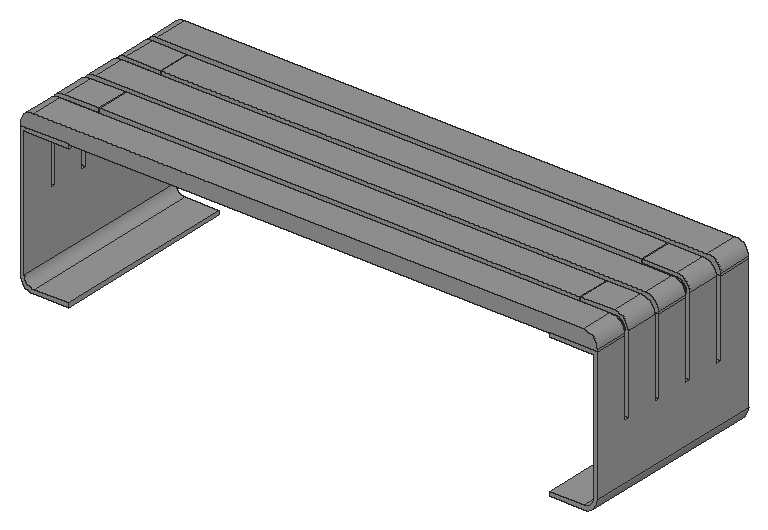
Revit family "Скамейка стальная «Стиль» без спинки Арт 14035", category Антураж, Revit 2018
Family settings
  На основе рабочей плоскости = Нет
  Всегда вертикально = Да
  При загрузке вырезать с полостями = Нет
  Источник визуального образа = Геометрия семейства
  Общий = Нет
  Точка расчета площади = Нет
Parameters (values of type "Скамейка стальная «Стиль» без спинки")
  Ширина = 490 mm  # constant formula
  Цвет опоры = Сталь
  Цвет лавки = Дерево
  Описание = "Скамейка стальная «Стиль» без спинки"  # constant formula
  Материал изделия = "Сталь, дерево"  # constant formula
  Изображение типоразмера = Скамейка стальная «Стиль» без спинки Арт 14035.jpg
  Изготовитель = "ООО «Хоббика»"  # constant formula
  Длина = 1500 mm  # constant formula
  Группа модели = "Скамейки"  # constant formula
  Высота = 420 mm  # constant formula
  Артикул товара = "Арт. 14035"  # constant formula
  URL = "https://hobbyka.ru/product/banketka_stil/"
Reference planes
  plane 1 "По центру (Вперед/Назад)": y = 0
  plane 2: z = 0
  plane 3 "По центру (Влево/Вправо)": x = 0
  plane 4: x = 1500
  plane 5: y = 490
  plane 6: z = 420
Forms (mm)
  Extrusion 1, solid, material "Сталь" <- "Цвет опоры"
    sketch origin (0, 0, 0) x (1, 0, 0) y (0, 0, 1)
      loop
        line (0, 380) -> (0, 35)
        arc (0, 35) -> (10.251, 10.251) -> (35, 0) r 35
        line (35, 0) -> (125, 0) -> (125, 10) -> (35, 10)
        arc (35, 10) -> (17.322, 17.322) -> (10, 35) r 25
        line (10, 35) -> (10, 370) -> (125, 370) -> (125, 380) -> (0, 380)
    from -490 to 0
  Extrusion 2, solid, material "Сталь" <- "Цвет опоры"
    sketch origin (0, 0, 30) x (1, 0, 0) y (0, 0, 1)
      loop
        line (0, 355) -> (0, 285) -> (10, 285) -> (10, 355)
        arc (10, 355) -> (17.322, 372.678) -> (35, 380) r 25
        line (35, 380) -> (125, 380) -> (125, 390) -> (35, 390)
        arc (35, 390) -> (10.251, 379.749) -> (0, 355) r 35
    from -185.183 to -100.183
  Extrusion 3, solid, material "Сталь" <- "Цвет опоры"
    sketch origin (0, 0, 30) x (1, 0, 0) y (0, 0, 1)
      loop
        line (0, 355) -> (0, 285) -> (10, 285) -> (10, 355)
        arc (10, 355) -> (17.322, 372.678) -> (35, 380) r 25
        line (35, 380) -> (125, 380) -> (125, 390) -> (35, 390)
        arc (35, 390) -> (10.251, 379.749) -> (0, 355) r 35
    from -385.183 to -300.183
  Extrusion 4, void
    sketch origin (0, 0, 0) x (0, 1, 0) y (0, 0, 1)
      loop
        line (385.183, 425) -> (385.183, 200) -> (400.183, 200) -> (400.183, 425) -> (385.183, 425)
      loop
        line (300.183, 425) -> (285.183, 425) -> (285.183, 200) -> (300.183, 200) -> (300.183, 425)
      loop
        line (185.183, 425) -> (185.183, 200) -> (200.183, 200) -> (200.183, 425) -> (185.183, 425)
      loop
        line (100.183, 425) -> (85.183, 425) -> (85.183, 200) -> (100.183, 200) -> (100.183, 425)
    from 0 to 10
  Extrusion 5, void
    sketch origin (0, 0, 0) x (0, 1, 0) y (0, 0, 1)
      loop
        line (400.183, 338.99) -> (400.183, 385) -> (285.183, 385) -> (285.183, 338.99) -> (400.183, 338.99)
      loop
        line (200.183, 338.528) -> (200.183, 385) -> (85.183, 385) -> (85.183, 338.528) -> (200.183, 338.528)
    from 10 to 125
  Extrusion 6, solid, material "Сталь" <- "Цвет опоры"
    sketch origin (1500, 0, 0) x (-1, 0, 0) y (0, 0, -1)
      loop
        line (0, -380) -> (125, -380) -> (125, -370) -> (10, -370) -> (10, -35)
        arc (10, -35) -> (17.322, -17.322) -> (35, -10) r 25
        line (35, -10) -> (125, -10) -> (125, 0) -> (35, 0)
        arc (35, 0) -> (10.251, -10.251) -> (0, -35) r 35
        line (0, -35) -> (0, -380)
    from -490 to 0
  Extrusion 7, solid, material "Сталь" <- "Цвет опоры"
    sketch origin (1500, 0, 30) x (-1, 0, 0) y (0, 0, -1)
      loop
        arc (0, -355) -> (10.251, -379.749) -> (35, -390) r 35
        line (35, -390) -> (125, -390) -> (125, -380) -> (35, -380)
        arc (35, -380) -> (17.322, -372.678) -> (10, -355) r 25
        line (10, -355) -> (10, -285) -> (0, -285) -> (0, -355)
    from -185.183 to -100.183
  Extrusion 8, solid, material "Сталь" <- "Цвет опоры"
    sketch origin (1500, 0, 30) x (-1, 0, 0) y (0, 0, -1)
      loop
        arc (0, -355) -> (10.251, -379.749) -> (35, -390) r 35
        line (35, -390) -> (125, -390) -> (125, -380) -> (35, -380)
        arc (35, -380) -> (17.322, -372.678) -> (10, -355) r 25
        line (10, -355) -> (10, -285) -> (0, -285) -> (0, -355)
    from -385.183 to -300.183
  Extrusion 9, void
    sketch origin (1500, 0, 180) x (0, 1, 0) y (0, 0, -1)
      loop
        line (385.183, -3) -> (385.183, -200) -> (400.183, -200) -> (400.183, -3) -> (385.183, -3)
      loop
        line (300.183, -3) -> (285.183, -3) -> (285.183, -200) -> (300.183, -200) -> (300.183, -3)
      loop
        line (185.183, -3) -> (185.183, -200) -> (200.183, -200) -> (200.183, -3) -> (185.183, -3)
      loop
        line (100.183, -3) -> (85.183, -3) -> (85.183, -200) -> (100.183, -200) -> (100.183, -3)
    from 0 to 10
  Extrusion 10, void
    sketch origin (1500, 0, 0) x (0, 1, 0) y (0, 0, -1)
      loop
        line (400.183, -338.99) -> (285.183, -338.99) -> (285.183, -385) -> (400.183, -385) -> (400.183, -338.99)
      loop
        line (200.183, -338.528) -> (85.183, -338.528) -> (85.183, -385) -> (200.183, -385) -> (200.183, -338.528)
    from 10 to 125
  Extrusion 11, solid, material "Дерево" <- "Цвет лавки"
    sketch origin (0, 0, -5) x (1, 0, 0) y (0, 0, 1)
      loop
        arc (35, 425) -> (10.251, 414.749) -> (0, 390) r 35
        line (0, 390) -> (0, 385) -> (1500, 385) -> (1500, 390)
        arc (1500, 390) -> (1489.749, 414.749) -> (1465, 425) r 35
        line (1465, 425) -> (35, 425)
    from 0 to -85.183
  Extrusion 12, solid, material "Дерево" <- "Цвет лавки"
    sketch origin (0, 0, -5) x (1, 0, 0) y (0, 0, 1)
      loop
        arc (35, 425) -> (10.251, 414.749) -> (0, 390) r 35
        line (0, 390) -> (0, 385) -> (1500, 385) -> (1500, 390)
        arc (1500, 390) -> (1489.749, 414.749) -> (1465, 425) r 35
        line (1465, 425) -> (35, 425)
    from -200.183 to -285.183
  Extrusion 13, solid, material "Дерево" <- "Цвет лавки"
    sketch origin (0, 0, -5) x (1, 0, 0) y (0, 0, 1)
      loop
        arc (35, 425) -> (10.251, 414.749) -> (0, 390) r 35
        line (0, 390) -> (0, 385) -> (1500, 385) -> (1500, 390)
        arc (1500, 390) -> (1489.749, 414.749) -> (1465, 425) r 35
        line (1465, 425) -> (35, 425)
    from -400.183 to -490
  Extrusion 14, solid, material "Дерево" <- "Цвет лавки"
    sketch origin (0, 0, -5) x (1, 0, 0) y (0, 0, 1)
      loop
        line (125, 425) -> (125, 415) -> (35, 415)
        arc (35, 415) -> (17.322, 407.678) -> (10, 390) r 25
        line (10, 390) -> (10, 385) -> (1490, 385) -> (1490, 390)
        arc (1490, 390) -> (1482.678, 407.678) -> (1465, 415) r 25
        line (1465, 415) -> (1375, 415) -> (1375, 425) -> (125, 425)
    from -100.183 to -185.183
  Extrusion 15, solid, material "Дерево" <- "Цвет лавки"
    sketch origin (0, 0, -5) x (1, 0, 0) y (0, 0, 1)
      loop
        line (125, 425) -> (125, 415) -> (35, 415)
        arc (35, 415) -> (17.322, 407.678) -> (10, 390) r 25
        line (10, 390) -> (10, 385) -> (1490, 385) -> (1490, 390)
        arc (1490, 390) -> (1482.678, 407.678) -> (1465, 415) r 25
        line (1465, 415) -> (1375, 415) -> (1375, 425) -> (125, 425)
    from -300.183 to -385.183
Cuts and joins
  Extrusion 4, Extrusion 5, Extrusion 9, Extrusion 10 cuts Extrusion 1
  Extrusion 4, Extrusion 5, Extrusion 9, Extrusion 10 cuts Extrusion 2
  Extrusion 4, Extrusion 5, Extrusion 9, Extrusion 10 cuts Extrusion 3
  joined: Extrusion 1, Extrusion 2, Extrusion 3
  Extrusion 9, Extrusion 10 cuts Extrusion 6
  Extrusion 9 cuts Extrusion 7
  Extrusion 9 cuts Extrusion 8
  joined: Extrusion 6, Extrusion 7, Extrusion 8
Dimensions and locks
  "Длина": plane 3 "По центру (Влево/Вправо)" to plane 4
  "Ширина": plane 5 to plane 1 "По центру (Вперед/Назад)"
  "Высота": plane 6 to plane 2
  aligned and locked: level to plane 2
Automatic sketch dimensions
  Extrusion 2 sketch curve to Extrusion 2 sketch curve = 0 mm  (x3)
  Extrusion 2 sketch curve to plane 3 "По центру (Влево/Вправо)" = 0 mm
  Extrusion 2 sketch curve to Extrusion 2 sketch curve = 10 mm
  Extrusion 2 sketch curve to Extrusion 2 sketch curve = 25 mm
  Extrusion 2 sketch curve to Extrusion 2 sketch curve = 90 mm
  level to Extrusion 2 sketch curve = 315 mm
  Extrusion 2 sketch curve to Extrusion 2 sketch curve = 70 mm
  Extrusion 3 sketch curve to Extrusion 3 sketch curve = 0 mm  (x3)
  Extrusion 3 sketch curve to plane 3 "По центру (Влево/Вправо)" = 0 mm
  Extrusion 3 sketch curve to Extrusion 3 sketch curve = 10 mm
  Extrusion 3 sketch curve to Extrusion 3 sketch curve = 25 mm
  Extrusion 3 sketch curve to Extrusion 3 sketch curve = 90 mm
  level to Extrusion 3 sketch curve = 315 mm
  Extrusion 3 sketch curve to Extrusion 3 sketch curve = 70 mm
  Extrusion 4 sketch curve to plane 1 "По центру (Вперед/Назад)" = 85.183 mm
  Extrusion 4 sketch curve to Extrusion 4 sketch curve = 15 mm  (x4)
  Extrusion 4 sketch curve to Extrusion 4 sketch curve = 85 mm  (x3)
  level to Extrusion 4 sketch curve = 200 mm  (x2)
  Extrusion 4 sketch curve to Extrusion 4 sketch curve = 0 mm  (x5)
  Extrusion 4 sketch curve to Extrusion 4 sketch curve = 225 mm
  Extrusion 5 sketch curve to plane 1 "По центру (Вперед/Назад)" = 85.183 mm
  Extrusion 5 sketch curve to Extrusion 5 sketch curve = 115 mm  (x2)
  Extrusion 5 sketch curve to Extrusion 5 sketch curve = 85 mm
  level to Extrusion 5 sketch curve = 338.528 mm
  Extrusion 5 sketch curve to Extrusion 5 sketch curve = 0.463 mm
  Extrusion 5 sketch curve to Extrusion 5 sketch curve = 46.01 mm
  Extrusion 5 sketch curve to Extrusion 5 sketch curve = 46.472 mm
  Extrusion 7 sketch curve to Extrusion 7 sketch curve = 0 mm  (x3)
  Extrusion 7 sketch curve to plane 4 = 0 mm
  plane 4 to Extrusion 7 sketch curve = 10 mm
  Extrusion 7 sketch curve to Extrusion 7 sketch curve = 25 mm
  Extrusion 7 sketch curve to Extrusion 7 sketch curve = 90 mm
  Extrusion 7 sketch curve to level = 315 mm
  Extrusion 7 sketch curve to Extrusion 7 sketch curve = 70 mm
  Extrusion 8 sketch curve to Extrusion 8 sketch curve = 0 mm  (x3)
  Extrusion 8 sketch curve to plane 4 = 0 mm
  plane 4 to Extrusion 8 sketch curve = 10 mm
  Extrusion 8 sketch curve to Extrusion 8 sketch curve = 25 mm
  Extrusion 8 sketch curve to Extrusion 8 sketch curve = 90 mm
  Extrusion 8 sketch curve to level = 315 mm
  Extrusion 8 sketch curve to Extrusion 8 sketch curve = 70 mm
  Extrusion 9 sketch curve to plane 1 "По центру (Вперед/Назад)" = 85.183 mm
  Extrusion 9 sketch curve to Extrusion 9 sketch curve = 15 mm  (x4)
  Extrusion 9 sketch curve to Extrusion 9 sketch curve = 85 mm  (x3)
  Extrusion 9 sketch curve to plane 6 = 237 mm
  Extrusion 9 sketch curve to Extrusion 9 sketch curve = 0 mm  (x6)
  level to Extrusion 9 sketch curve = 380 mm
  Extrusion 10 sketch curve to plane 1 "По центру (Вперед/Назад)" = 85.183 mm
  Extrusion 10 sketch curve to Extrusion 10 sketch curve = 115 mm  (x2)
  Extrusion 10 sketch curve to Extrusion 10 sketch curve = 85 mm
  level to Extrusion 10 sketch curve = 385 mm
  Extrusion 10 sketch curve to Extrusion 10 sketch curve = 0 mm
  Extrusion 10 sketch curve to Extrusion 10 sketch curve = 46.01 mm
  Extrusion 10 sketch curve to Extrusion 10 sketch curve = 46.472 mm
  Extrusion 11 sketch curve to plane 3 "По центру (Влево/Вправо)" = 0 mm
  Extrusion 11 sketch curve to plane 4 = 0 mm
  plane 3 "По центру (Влево/Вправо)" to Extrusion 11 sketch curve = 35 mm
  Extrusion 11 sketch curve to plane 4 = 35 mm
  level to Extrusion 11 sketch curve = 380 mm
  Extrusion 11 sketch curve to Extrusion 11 sketch curve = 5 mm
  Extrusion 12 sketch curve to plane 3 "По центру (Влево/Вправо)" = 0 mm
  Extrusion 12 sketch curve to plane 4 = 0 mm
  plane 3 "По центру (Влево/Вправо)" to Extrusion 12 sketch curve = 35 mm
  Extrusion 12 sketch curve to plane 4 = 35 mm
  level to Extrusion 12 sketch curve = 380 mm
  Extrusion 12 sketch curve to Extrusion 12 sketch curve = 5 mm
  Extrusion 13 sketch curve to plane 3 "По центру (Влево/Вправо)" = 0 mm
  Extrusion 13 sketch curve to plane 4 = 0 mm
  plane 3 "По центру (Влево/Вправо)" to Extrusion 13 sketch curve = 35 mm
  Extrusion 13 sketch curve to plane 4 = 35 mm
  level to Extrusion 13 sketch curve = 380 mm
  Extrusion 13 sketch curve to Extrusion 13 sketch curve = 5 mm
  plane 3 "По центру (Влево/Вправо)" to Extrusion 14 sketch curve = 10 mm
  Extrusion 14 sketch curve to Extrusion 14 sketch curve = 25 mm
  Extrusion 14 sketch curve to Extrusion 14 sketch curve = 90 mm
  Extrusion 14 sketch curve to plane 4 = 125 mm
  Extrusion 14 sketch curve to plane 4 = 35 mm
  Extrusion 14 sketch curve to plane 4 = 10 mm
  level to Extrusion 14 sketch curve = 380 mm
  Extrusion 14 sketch curve to Extrusion 14 sketch curve = 5 mm  (x2)
  Extrusion 14 sketch curve to Extrusion 14 sketch curve = 10 mm
  plane 3 "По центру (Влево/Вправо)" to Extrusion 15 sketch curve = 10 mm
  Extrusion 15 sketch curve to Extrusion 15 sketch curve = 25 mm
  Extrusion 15 sketch curve to Extrusion 15 sketch curve = 90 mm
  Extrusion 15 sketch curve to plane 4 = 125 mm
  Extrusion 15 sketch curve to plane 4 = 35 mm
  Extrusion 15 sketch curve to plane 4 = 10 mm
  level to Extrusion 15 sketch curve = 380 mm
  Extrusion 15 sketch curve to Extrusion 15 sketch curve = 5 mm  (x2)
  Extrusion 15 sketch curve to Extrusion 15 sketch curve = 10 mm
  Extrusion 1 sketch curve to Extrusion 1 sketch curve = 0 mm  (x2)
  Extrusion 1 sketch curve to plane 3 "По центру (Влево/Вправо)" = 0 mm
  Extrusion 1 sketch curve to level = 0 mm
  plane 3 "По центру (Влево/Вправо)" to Extrusion 1 sketch curve = 10 mm
  plane 3 "По центру (Влево/Вправо)" to Extrusion 1 sketch curve = 35 mm
  Extrusion 1 sketch curve to Extrusion 1 sketch curve = 90 mm
  Extrusion 1 sketch curve to plane 6 = 40 mm
  Extrusion 1 sketch curve to Extrusion 1 sketch curve = 115 mm
  Extrusion 1 sketch curve to Extrusion 1 sketch curve = 10 mm
  Extrusion 6 sketch curve to Extrusion 6 sketch curve = 0 mm  (x2)
  Extrusion 6 sketch curve to plane 4 = 0 mm
  Extrusion 6 sketch curve to level = 0 mm
  plane 4 to Extrusion 6 sketch curve = 10 mm
  plane 4 to Extrusion 6 sketch curve = 35 mm
  Extrusion 6 sketch curve to Extrusion 6 sketch curve = 90 mm
  plane 6 to Extrusion 6 sketch curve = 40 mm
  Extrusion 6 sketch curve to Extrusion 6 sketch curve = 115 mm
  Extrusion 6 sketch curve to Extrusion 6 sketch curve = 10 mm
